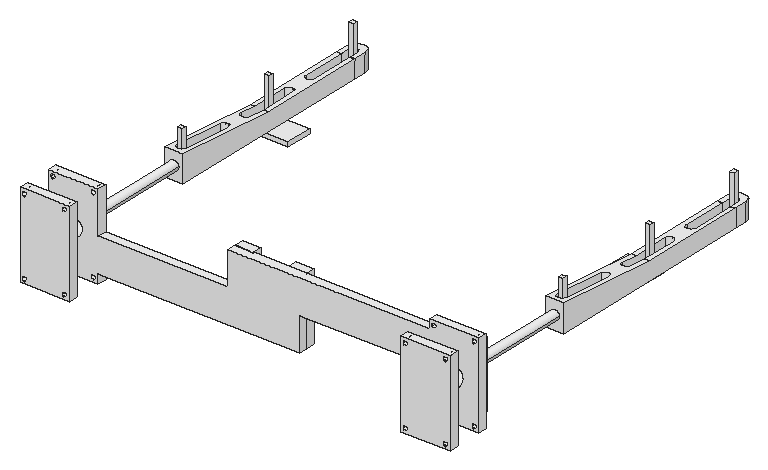
Revit family "Plumbing Fixture-Water_Closet_Carrier_Mifab_MC-53", category Plumbing Fixtures, host Wall, Revit 2013
Parameters
  URL = "www.mifab.com"
  Model = "MC-53"
  Manufacturer = "MIFAB"
  Floor Drain Material = Paint - Sherwin Williams Paint - #952C2A - Bellwood Red
  Description = "Wall Mounted Lavatory Support With Concealed Arms And Backing Plate"
Reference planes (in)
  plane 1: y = 0
  plane 2 "Center (Left/Right)": x = -0.47711
  plane 3 "Back": y = 3
  plane 4: x = -11.10211
  plane 5: x = 10.14789
  plane 6: y = 3
  plane 7: y = -3
Forms (in)
  Extrusion 1, solid, material "Paint - Sherwin Williams Paint - #952C2A - Bellwood Red" <- "Floor Drain Material"
    sketch origin (-72, -3, 62.6107) x (-1, 0, 0) y (0, 0, 1)
      loop
        line (-83.14789, -48.42203) -> (-83.14789, -52.17203) -> (-81.14789, -52.17203) -> (-81.14789, -48.42203) -> (-83.14789, -48.42203)
      loop
        line (-61.89789, -48.42203) -> (-61.89789, -52.17203) -> (-59.89789, -52.17203) -> (-59.89789, -48.42203) -> (-61.89789, -48.42203)
    from 0 to -0.5
  Extrusion 2, solid, material "Paint - Sherwin Williams Paint - #952C2A - Bellwood Red" <- "Floor Drain Material"
    sketch origin (-72, -3, 62.6107) x (-1, 0, 0) y (0, 0, 1)
      loop
        line (-83.52289, -47.92203) -> (-83.52289, -52.67203) -> (-80.77289, -52.67203) -> (-80.77289, -50.29703) -> (-73.52289, -50.29703) -> (-73.52289, -52.17203) -> (-62.27289, -52.17203) -> (-62.27289, -52.67203) -> (-59.52289, -52.67203) -> (-59.52289, -47.92203) -> (-62.27289, -47.92203) -> (-62.27289, -50.29703) -> (-69.52289, -50.29703) -> (-69.52289, -48.42203) -> (-80.77289, -48.42203) -> (-80.77289, -47.92203) -> (-83.52289, -47.92203)
    from -0.5 to -1
  Extrusion 3, solid, material "Paint - Sherwin Williams Paint - #952C2A - Bellwood Red" <- "Floor Drain Material"
    sketch origin (-72, -3.5, 62.6107) x (-1, 0, 0) y (0, 0, 1)
      loop
        line (-73.52289, -52.17203) -> (-72.52289, -52.17203) -> (-72.52289, -48.42203) -> (-73.52289, -48.42203) -> (-73.52289, -52.17203)
      loop
        line (-69.52289, -48.42203) -> (-70.52289, -48.42203) -> (-70.52289, -52.17203) -> (-69.52289, -52.17203) -> (-69.52289, -48.42203)
    from 0 to 0.5
  Extrusion 4, void
    sketch origin (-72, -3, 62.6107) x (1, 0, 0) y (0, 0, 1)
      loop
        circle (82.14789, -50.29703) r 0.5
      loop
        circle (81.02289, -48.17203) r 0.125
      loop
        circle (83.27289, -48.17203) r 0.125
      loop
        circle (81.02289, -52.42203) r 0.125
      loop
        circle (83.27289, -52.42203) r 0.125
      loop
        circle (60.89789, -50.29703) r 0.5
      loop
        circle (62.02289, -48.17203) r 0.125
      loop
        circle (59.77289, -48.17203) r 0.125
      loop
        circle (62.02289, -52.42203) r 0.125
      loop
        circle (59.77289, -52.42203) r 0.125
    from 0 to 12
  Extrusion 5, solid, material "Paint - Sherwin Williams Paint - #952C2A - Bellwood Red" <- "Floor Drain Material"
    sketch origin (-72, -3.5, 62.6107) x (-1, 0, 0) y (0, 0, 1)
      loop
        line (-83.52289, -47.92203) -> (-83.52289, -52.67203) -> (-80.77289, -52.67203) -> (-80.77289, -47.92203) -> (-83.52289, -47.92203)
      loop
        circle (-83.27289, -48.17203) r 0.125
      loop
        circle (-81.02289, -48.17203) r 0.125
      loop
        circle (-81.02289, -52.42203) r 0.125
      loop
        circle (-83.27289, -52.42203) r 0.125
      loop
        line (-59.52289, -52.67203) -> (-59.52289, -47.92203) -> (-62.27289, -47.92203) -> (-62.27289, -52.67203) -> (-59.52289, -52.67203)
      loop
        circle (-62.02289, -48.17203) r 0.125
      loop
        circle (-59.77289, -48.17203) r 0.125
      loop
        circle (-59.77289, -52.42203) r 0.125
      loop
        circle (-62.02289, -52.42203) r 0.125
    from -2 to -2.5
  Extrusion 6, solid, material "Paint - Sherwin Williams Paint - #952C2A - Bellwood Red" <- "Floor Drain Material"
    sketch origin (3.14966, -4.5, -21.0525) x (-1, 0, 0) y (0, 0, 1)
      loop
        circle (14.25176, 33.3507) r 0.25
    from 1.87898 to 7.5
  Extrusion 7, solid, material "Paint - Sherwin Williams Paint - #952C2A - Bellwood Red" <- "Floor Drain Material"
    sketch origin (3.14966, -4.5, -21.31497) x (-1, 0, 0) y (0, 0, 1)
      loop
        line (13.80665, 33.87016) -> (13.80665, 33.35618) -> (14.25176, 33.09919) -> (14.69688, 33.35618) -> (14.69688, 33.87016) -> (14.25176, 34.12715) -> (13.80665, 33.87016)
    from 1.5 to 1.87898
  Extrusion 8, solid, material "Paint - Sherwin Williams Paint - #952C2A - Bellwood Red" <- "Floor Drain Material"
    sketch origin (-4.10387, -4.5, -21.0525) x (1, 0, 0) y (0, 0, -1)
      loop
        circle (14.25176, -33.3507) r 0.25
    from 1.87898 to 7.5
  Extrusion 9, solid, material "Paint - Sherwin Williams Paint - #952C2A - Bellwood Red" <- "Floor Drain Material"
    sketch origin (-4.10387, -4.5, -21.31497) x (1, 0, 0) y (0, 0, -1)
      loop
        line (13.80665, -33.87016) -> (14.25176, -34.12715) -> (14.69688, -33.87016) -> (14.69688, -33.35618) -> (14.25176, -33.09919) -> (13.80665, -33.35618) -> (13.80665, -33.87016)
    from 1.5 to 1.87898
  Extrusion 10, solid, material "Paint - Sherwin Williams Paint - #952C2A - Bellwood Red" <- "Floor Drain Material"
    sketch origin (-10.60211, -2.80094, -21.31497) x (0, -1, 0) y (0, 0, 1)
      loop
        line (-5.80094, 32.8507) -> (-5.80094, 34.37564) -> (-11.80094, 33.8507) -> (-17.80094, 33.8507) -> (-17.80094, 32.8507) -> (-5.80094, 32.8507)
    from 0 to 1
  Extrusion 11, solid, material "Paint - Sherwin Williams Paint - #952C2A - Bellwood Red" <- "Floor Drain Material"
    sketch origin (3.14966, -1.30094, 11.53573) x (-1, 0, 0) y (0, -1, 0)
      loop
        line (13.75176, -16.30094) -> (13.75176, -17)
        arc (13.75176, -17) -> (14.25176, -17.5) -> (14.75176, -17) r 0.5
        line (14.75176, -17) -> (14.75176, -16.30094) -> (13.75176, -16.30094)
    from 0 to 1
  Extrusion 12, void
    sketch origin (3.14966, -1.30094, -21.31497) x (-1, 0, 0) y (0, -1, 0)
      loop
        arc (14.50176, -4.80094) -> (14.25176, -4.55094) -> (14.00176, -4.80094) r 0.25
        line (14.00176, -4.80094) -> (14.00176, -7.80094)
        arc (14.00176, -7.80094) -> (14.25176, -8.05094) -> (14.50176, -7.80094) r 0.25
        line (14.50176, -7.80094) -> (14.50176, -4.80094)
      loop
        arc (14.50176, -9.30094) -> (14.25176, -9.05094) -> (14.00176, -9.30094) r 0.25
        line (14.00176, -9.30094) -> (14.00176, -12.30094)
        arc (14.00176, -12.30094) -> (14.25176, -12.55094) -> (14.50176, -12.30094) r 0.25
        line (14.50176, -12.30094) -> (14.50176, -9.30094)
      loop
        arc (14.50176, -13.80094) -> (14.25176, -13.55094) -> (14.00176, -13.80094) r 0.25
        line (14.00176, -13.80094) -> (14.00176, -16.80094)
        arc (14.00176, -16.80094) -> (14.25176, -17.05094) -> (14.50176, -16.80094) r 0.25
        line (14.50176, -16.80094) -> (14.50176, -13.80094)
    from 33.29844 to 34.37564
  Extrusion 13, solid, material "Paint - Sherwin Williams Paint - #952C2A - Bellwood Red" <- "Floor Drain Material"
    sketch origin (3.14966, -1.30094, -21.31497) x (-1, 0, 0) y (0, -1, 0)
      loop
        line (14.37676, -16.67594) -> (14.12676, -16.67594) -> (14.12676, -16.92594) -> (14.37676, -16.92594) -> (14.37676, -16.67594)
      loop
        line (14.37676, -4.95816) -> (14.37676, -4.70816) -> (14.12676, -4.70816) -> (14.12676, -4.95816) -> (14.37676, -4.95816)
    from 33.29844 to 35.29844
  Extrusion 14, solid, material "Paint - Sherwin Williams Paint - #952C2A - Bellwood Red" <- "Floor Drain Material"
    sketch origin (3.14966, -1.30094, -20.67218) x (-1, 0, 0) y (0, -1, 0)
      loop
        line (12.50176, -10.07993) -> (12.50176, -11.57993) -> (14.50176, -11.57993) -> (14.50176, -10.07993) -> (12.50176, -10.07993)
    from 31.95792 to 32.20792
  Extrusion 15, solid, material "Paint - Sherwin Williams Paint - #952C2A - Bellwood Red" <- "Floor Drain Material"
    sketch origin (3.14966, -7.19905, -21.31497) x (-1, 0, 0) y (0, -1, 0)
      loop
        line (14.37676, -16.67594) -> (14.12676, -16.67594) -> (14.12676, -16.92594) -> (14.37676, -16.92594) -> (14.37676, -16.67594)
    from 33.29844 to 35.29844
  Extrusion 16, solid, material "Paint - Sherwin Williams Paint - #952C2A - Bellwood Red" <- "Floor Drain Material"
    sketch origin (9.64789, -2.80094, -21.31497) x (0, -1, 0) y (0, 0, -1)
      loop
        line (-5.80094, -32.8507) -> (-17.80094, -32.8507) -> (-17.80094, -33.8507) -> (-11.80094, -33.8507) -> (-5.80094, -34.37564) -> (-5.80094, -32.8507)
    from 0 to 1
  Extrusion 17, solid, material "Paint - Sherwin Williams Paint - #952C2A - Bellwood Red" <- "Floor Drain Material"
    sketch origin (-4.10387, -1.30094, 11.53573) x (1, 0, 0) y (0, 1, 0)
      loop
        line (13.75176, 16.30094) -> (14.75176, 16.30094) -> (14.75176, 17)
        arc (14.75176, 17) -> (14.25176, 17.5) -> (13.75176, 17) r 0.5
        line (13.75176, 17) -> (13.75176, 16.30094)
    from 0 to 1
  Extrusion 18, void
    sketch origin (-4.10387, -1.30094, -21.31497) x (1, 0, 0) y (0, 1, 0)
      loop
        line (14.50176, 4.80094) -> (14.50176, 7.80094)
        arc (14.50176, 7.80094) -> (14.25176, 8.05094) -> (14.00176, 7.80094) r 0.25
        line (14.00176, 7.80094) -> (14.00176, 4.80094)
        arc (14.00176, 4.80094) -> (14.25176, 4.55094) -> (14.50176, 4.80094) r 0.25
      loop
        line (14.50176, 9.30094) -> (14.50176, 12.30094)
        arc (14.50176, 12.30094) -> (14.25176, 12.55094) -> (14.00176, 12.30094) r 0.25
        line (14.00176, 12.30094) -> (14.00176, 9.30094)
        arc (14.00176, 9.30094) -> (14.25176, 9.05094) -> (14.50176, 9.30094) r 0.25
      loop
        line (14.50176, 13.80094) -> (14.50176, 16.80094)
        arc (14.50176, 16.80094) -> (14.25176, 17.05094) -> (14.00176, 16.80094) r 0.25
        line (14.00176, 16.80094) -> (14.00176, 13.80094)
        arc (14.00176, 13.80094) -> (14.25176, 13.55094) -> (14.50176, 13.80094) r 0.25
    from 33.29844 to 34.37564
  Extrusion 19, solid, material "Paint - Sherwin Williams Paint - #952C2A - Bellwood Red" <- "Floor Drain Material"
    sketch origin (-4.10387, -1.30094, -21.31497) x (1, 0, 0) y (0, 1, 0)
      loop
        line (14.37676, 16.67594) -> (14.37676, 16.92594) -> (14.12676, 16.92594) -> (14.12676, 16.67594) -> (14.37676, 16.67594)
      loop
        line (14.37676, 4.95816) -> (14.12676, 4.95816) -> (14.12676, 4.70816) -> (14.37676, 4.70816) -> (14.37676, 4.95816)
    from 33.29844 to 35.29844
  Extrusion 20, solid, material "Paint - Sherwin Williams Paint - #952C2A - Bellwood Red" <- "Floor Drain Material"
    sketch origin (-4.10387, -1.30094, -20.67218) x (1, 0, 0) y (0, 1, 0)
      loop
        line (12.50176, 10.07993) -> (14.50176, 10.07993) -> (14.50176, 11.57993) -> (12.50176, 11.57993) -> (12.50176, 10.07993)
    from 31.95792 to 32.20792
  Extrusion 21, solid, material "Paint - Sherwin Williams Paint - #952C2A - Bellwood Red" <- "Floor Drain Material"
    sketch origin (-4.10387, -7.19905, -21.31497) x (1, 0, 0) y (0, 1, 0)
      loop
        line (14.37676, 16.67594) -> (14.37676, 16.92594) -> (14.12676, 16.92594) -> (14.12676, 16.67594) -> (14.37676, 16.67594)
    from 33.29844 to 35.29844
Cuts and joins
  Extrusion 4 cuts Extrusion 1
  Extrusion 4 cuts Extrusion 2
  joined: Extrusion 1, Extrusion 2, Extrusion 5, Extrusion 6, Extrusion 7, Extrusion 8, Extrusion 9
  Extrusion 12 cuts Extrusion 10
  Extrusion 12 cuts Extrusion 11
  Extrusion 18 cuts Extrusion 16
  Extrusion 18 cuts Extrusion 17
Text (in)
  text "Placement Side" at (0, 40.15149, 123.01588), in view "Right"
  text "Placement Side" at (-70.3804, 45.82615, 0), in view "Ref. Level"
  text "Placement Side" at (0, 47.49176, 113.10569), in view "Left"
Dimensions and locks (in)
  locked: plane 3 "Back" to host wall
  equal spacing: plane 4, plane 2 "Center (Left/Right)", plane 5
  plane 4 to plane 5 = 21 1/4"
  plane 3 "Back" to plane 6 = 0"
  locked: Extrusion 1 sketch curve to Extrusion 1 sketch curve at 2  (x2)
  equal spacing: Extrusion 1 sketch curve, plane 5, Extrusion 1 sketch curve
  locked: Extrusion 1 sketch curve to Extrusion 1 sketch curve at 3.75  (x2)
  locked: Extrusion 1 sketch curve to level at 0.42203
  equal spacing: Extrusion 1 sketch curve, plane 4, Extrusion 1 sketch curve
  locked: Extrusion 2 sketch curve to Extrusion 2 sketch curve at 4.75
  locked: Extrusion 2 sketch curve to Extrusion 2 sketch curve at 2.75  (x2)
  equal spacing: Extrusion 2 sketch curve, plane 5, Extrusion 2 sketch curve
  locked: Extrusion 1 to Extrusion 2 sketch curve at 0.5
  equal spacing: Extrusion 2 sketch curve, plane 4, Extrusion 2 sketch curve
  locked: plane 2 "Center (Left/Right)" to Extrusion 2 sketch curve at 2  (x2)
  locked: Extrusion 2 sketch curve to Extrusion 2 sketch curve at 0.5
  locked: Extrusion 2 sketch curve to Extrusion 2 sketch curve at 1.875
  locked: Extrusion 2 to Extrusion 3 sketch curve at 1
  locked: Extrusion 3 sketch curve to Extrusion 2 at 1
  locked: Extrusion 4 sketch curve to cut or joined group 1 (Extrusion 1, Extrusion 2, Extrusion 4, Extrusion 5, Extrusion 6, Extrusion 7, Extrusion 8, Extrusion 9) at 1.875  (x2)
  locked: cut or joined group 1 to Extrusion 4 sketch curve at 0.25  (x12)
  locked: Extrusion 4 sketch curve to cut or joined group 1 at 0.25  (x4)
  diameter of Extrusion 4 sketch curve = 1"  (x2)
  diameter of Extrusion 4 sketch curve = 1/4"  (x4)
  aligned and locked: plane 7 to host wall
  aligned and locked: Extrusion 1 to host wall
  aligned and locked: Extrusion 2 sketch curve to Extrusion 2 sketch curve  (x5)
  aligned and locked: Extrusion 2 to Extrusion 1
  aligned and locked: Extrusion 3 sketch curve to Extrusion 2  (x3)
  aligned and locked: Extrusion 2 to Extrusion 3 sketch curve
  aligned and locked: Extrusion 3 to host wall
  aligned and locked: plane 4 to Extrusion 4 sketch curve
  aligned and locked: Extrusion 5 sketch curve to cut or joined group 1  (x21)
  aligned and locked: host wall to Extrusion 6
  aligned and locked: host wall to Extrusion 8
  aligned and locked: plane 3 "Back" to cut or joined group of Extrusion 10, Extrusion 12
  aligned and locked: plane 3 "Back" to cut or joined group of Extrusion 16, Extrusion 18
Automatic sketch dimensions
  Extrusion 1 sketch curve to level = 4.17203"
  Extrusion 2 sketch curve to level = 2.29703"
  Extrusion 3 sketch curve to Extrusion 2 = 0"  (x2)
  Extrusion 1 to Extrusion 4 sketch curve = 1"
  Extrusion 2 to Extrusion 5 sketch curve = 0"
  plane 4 to Extrusion 6 sketch curve = 0"
  Extrusion 6 sketch curve to level = 2 5/16"
  plane 4 to Extrusion 7 sketch curve = 0"  (x2)
  Extrusion 7 sketch curve to level = 2.82648"
  Extrusion 7 sketch curve to plane 4 = 0.44512"
  plane 4 to Extrusion 7 sketch curve = 0.44512"
  Extrusion 7 sketch curve to Extrusion 7 sketch curve = 0.25699"  (x3)
  Extrusion 7 sketch curve to Extrusion 7 sketch curve = 0.51398"  (x2)
  plane 5 to Extrusion 8 sketch curve = 0"
  Extrusion 8 sketch curve to level = 2 5/16"
  plane 5 to Extrusion 9 sketch curve = 0"  (x2)
  Extrusion 9 sketch curve to level = 1.79852"
  plane 5 to Extrusion 9 sketch curve = 0.44512"
  Extrusion 9 sketch curve to plane 5 = 0.44512"
  Extrusion 9 sketch curve to Extrusion 9 sketch curve = 0.25699"  (x3)
  Extrusion 9 sketch curve to Extrusion 9 sketch curve = 0.51398"  (x2)
  Extrusion 10 sketch curve to host wall = 0"
  Extrusion 10 sketch curve to level = 3.07497"
  Extrusion 10 sketch curve to level = 2.07497"
  host wall to Extrusion 10 sketch curve = 6"
  Extrusion 10 sketch curve to Extrusion 10 sketch curve = 6"
  Extrusion 10 sketch curve to Extrusion 10 sketch curve = 1.52493"
  Extrusion 11 sketch curve to plane 4 = 1/2"
  host wall to Extrusion 11 sketch curve = 12.69906"
  Extrusion 11 sketch curve to plane 4 = 0"
  Extrusion 11 sketch curve to Extrusion 11 sketch curve = 0.69906"
  Extrusion 12 sketch curve to plane 4 = 1/4"
  host wall to Extrusion 12 sketch curve = 12 1/2"
  Extrusion 12 sketch curve to plane 4 = 0"  (x3)
  Extrusion 12 sketch curve to Extrusion 12 sketch curve = 1/4"  (x2)
  Extrusion 12 sketch curve to Extrusion 12 sketch curve = 3"  (x2)
  Extrusion 12 sketch curve to Extrusion 12 sketch curve = 1 1/2"  (x2)
  host wall to Extrusion 12 sketch curve = 1/2"
  Extrusion 13 sketch curve to plane 4 = 1/8"  (x2)
  plane 4 to Extrusion 13 sketch curve = 1/8"  (x2)
  host wall to Extrusion 13 sketch curve = 12 5/8"
  Extrusion 13 sketch curve to Extrusion 13 sketch curve = 1/4"  (x2)
  host wall to Extrusion 13 sketch curve = 0.65722"
  Extrusion 14 sketch curve to plane 4 = 1 3/4"
  host wall to Extrusion 14 sketch curve = 7.27898"
  plane 4 to Extrusion 14 sketch curve = 1/4"
  Extrusion 14 sketch curve to Extrusion 14 sketch curve = 1 1/2"
  Extrusion 15 sketch curve to plane 4 = 1/8"
  plane 4 to Extrusion 15 sketch curve = 1/8"
  host wall to Extrusion 15 sketch curve = 6.72689"
  Extrusion 15 sketch curve to Extrusion 15 sketch curve = 1/4"
  Extrusion 16 sketch curve to host wall = 0"
  Extrusion 16 sketch curve to level = 1.55003"
  Extrusion 16 sketch curve to level = 2.07497"
  host wall to Extrusion 16 sketch curve = 6"
  Extrusion 16 sketch curve to Extrusion 16 sketch curve = 6"
  Extrusion 16 sketch curve to Extrusion 16 sketch curve = 1"
  plane 5 to Extrusion 17 sketch curve = 1/2"
  host wall to Extrusion 17 sketch curve = 12"
  Extrusion 17 sketch curve to plane 5 = 0"
  Extrusion 17 sketch curve to Extrusion 17 sketch curve = 0.69906"
  plane 5 to Extrusion 18 sketch curve = 1/4"  (x2)
  host wall to Extrusion 18 sketch curve = 1/2"
  Extrusion 18 sketch curve to plane 5 = 0"  (x3)
  Extrusion 18 sketch curve to Extrusion 18 sketch curve = 1/4"
  Extrusion 18 sketch curve to Extrusion 18 sketch curve = 3"  (x3)
  Extrusion 18 sketch curve to Extrusion 18 sketch curve = 1 1/2"  (x2)
  plane 5 to Extrusion 19 sketch curve = 1/8"  (x2)
  Extrusion 19 sketch curve to plane 5 = 1/8"  (x2)
  host wall to Extrusion 19 sketch curve = 0.40722"
  Extrusion 19 sketch curve to Extrusion 19 sketch curve = 1/4"  (x2)
  Extrusion 19 sketch curve to Extrusion 19 sketch curve = 11.71778"
  plane 5 to Extrusion 20 sketch curve = 1 3/4"
  Extrusion 20 sketch curve to plane 5 = 1/4"
  host wall to Extrusion 20 sketch curve = 5.77898"
  Extrusion 20 sketch curve to Extrusion 20 sketch curve = 1 1/2"
  plane 5 to Extrusion 21 sketch curve = 1/8"
  host wall to Extrusion 21 sketch curve = 6.47689"
  Extrusion 21 sketch curve to plane 5 = 1/8"
  Extrusion 21 sketch curve to Extrusion 21 sketch curve = 1/4"
  radius of Extrusion 4 sketch curve = 1/8"  (x4)
  radius of Extrusion 6 sketch curve = 1/4"
  radius of Extrusion 8 sketch curve = 1/4"
